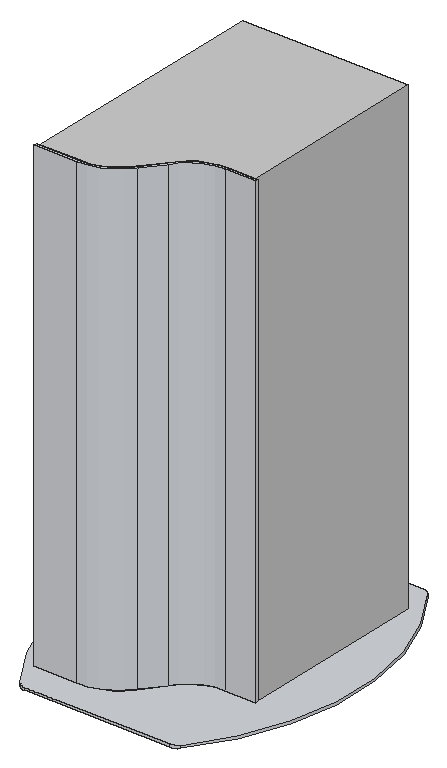
Revit family "DSCABWH", category Plumbing Fixtures, Revit 2019
Family settings
  Round Connector Dimension = Use Diameter
  Part Type = Normal
  OmniClass Number = 23.45.00.00
  OmniClass Title = Sanitary, Laundry, and Cleaning Equipment
  Work Plane-Based = No
  Always vertical = Yes
  Cut with Voids When Loaded = No
  Shared = No
  Room Calculation Point = No
Parameters
  Model = "DSCABWH"
  Manufacturer = "ELKAY"
  Description = "DISPENSER CABINET"
  BODY = Metal - Stainless Steel
Reference planes (in)
  plane 1 "Center (Front/Back)": y = 0
  plane 2: z = 0
  plane 3 "Center (Left/Right)": x = 0
Forms (in)
  Extrusion 1, solid, material "Metal - Stainless Steel" <- "BODY"
    sketch origin (0, 0, 0) x (1, 0, 0) y (0, 1, 0)
      loop
        line (-6.25, 15.51574) -> (-6.25, -3.60926) -> (-3.25, -3.60926)
        arc (-3.25, -3.60926) -> (-1.52267, -3.20297) -> (-0.15755, -2.0693) r 3.875
        line (-0.15755, -2.0693) -> (1.27513, -0.1719)
        arc (1.27513, -0.1719) -> (2.55618, 0.79681) -> (4.125, 1.14074) r 3.75
        line (4.125, 1.14074) -> (6.25, 1.14074) -> (6.25, 15.51574) -> (-6.25, 15.51574)
    from 0.1875 to 35.5625
  Extrusion 2, solid
    sketch origin (0, 0, 0) x (1, 0, 0) y (0, 1, 0)
      loop
        line (-3.25, -3.60926) -> (-6.47757, -3.60926) -> (-6.47757, -3.85926) -> (-3.25, -3.85926)
        arc (-3.25, -3.85926) -> (-1.41123, -3.42676) -> (0.04196, -2.21995) r 4.125
        line (0.04196, -2.21995) -> (1.13459, -0.77291)
        arc (1.13459, -0.77291) -> (2.41399, 0.44683) -> (4.125, 0.89074) r 3.51947
        line (4.125, 0.89074) -> (6.43709, 0.89074) -> (6.43709, 1.14074) -> (4.125, 1.14074)
        arc (4.125, 1.14074) -> (2.29753, 0.66812) -> (0.92831, -0.63122) r 3.76947
        line (0.92831, -0.63122) -> (-0.15755, -2.0693)
        arc (-0.15755, -2.0693) -> (-1.52267, -3.20297) -> (-3.25, -3.60926) r 3.875
    from 0.3431 to 35.5625
  Extrusion 3, solid
    sketch origin (0, 0, 0) x (1, 0, 0) y (0, 1, 0)
      loop
        arc (-5.45188, 17.89074) -> (-5.7802, 17.81505) -> (-6.04226, 17.60328) r 0.75
        arc (-6.04226, 17.60328) -> (-10.0625, 5.95324) -> (-6.04226, -5.69681) r 18.89017
        arc (-6.04226, -5.69681) -> (-5.7802, -5.90858) -> (-5.45188, -5.98426) r 0.75
        line (-5.45188, -5.98426) -> (5.45188, -5.98426)
        arc (5.45188, -5.98426) -> (5.7802, -5.90858) -> (6.04226, -5.69681) r 0.75
        arc (6.04226, -5.69681) -> (10.0625, 5.95324) -> (6.04226, 17.60328) r 18.89017
        arc (6.04226, 17.60328) -> (5.7802, 17.81505) -> (5.45188, 17.89074) r 0.75
        line (5.45188, 17.89074) -> (-5.45188, 17.89074)
    from 0 to 0.1875
Lines and regions (in)
  reference lines
    curve 1: line (0, 16.08074, 0) -> (0, -17.41926, 0)
    curve 2: line (0, 16.08074, 0.53) -> (0, -17.41926, 0.53)
    curve 3: line (-13.75, 0, 17.43) -> (14.25, 0, 17.43)
    curve 4: line (-2.3485, 0, 15.73) -> (-2.3485, 0, 23.98)
    curve 5: line (2.3715, 0, 15.23) -> (2.3715, 0, 23.98)
    curve 6: line (0, -2.91926, 19.23) -> (0, -2.91926, 21.73)
    curve 7: line (0, 16.08074, 19.76) -> (0, -17.41926, 19.76)
